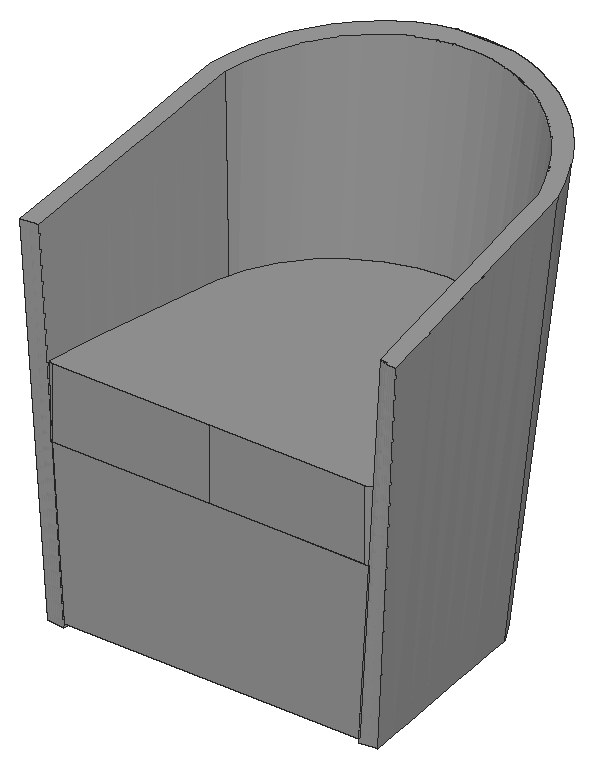
Revit family "glasgow", category Furniture, Revit 2013
Parameters (values of type "Glasgow")
  Model = "Glasgow"
  Length = 2' - 1 5/8"
  Description = "Seating"
  Width = 2' - 3 3/8"
  URL = "http://bernhardtdesign.com/"
  Product Page URL = "http://www.bernhardtdesign.com/products/glasgow/index.html"
  Product Name = "Glasgow"
  Product Documentation Link = "http://www.bernhardtdesign.com/pdf/pricelists/lounge/Glasgow_PL.pdf"
  Manufacturer = "Bernhardt "  # constant formula
  Level Certification = ""
  Height = 2' - 6 1/8"
  GreenGuard Certification = ""
  Bernhardt Fabric = Fabric-Bernhardt-White
Reference planes (in)
  plane 1 "Center (Front/Back)": y = 0
  plane 2 "Bottom": z = 0
  plane 3 "Center (Left/Right)": x = 0
  plane 4 "top": through (0, -12.63192, 25.01615) normal (0, -0.2079, 0.9781)
  plane 5 "seat": z = 11.5
  plane 6 "front plane": y = -11.55731
Forms (in)
  SweptBlend 1, solid, material "Fabric-Bernhardt-White"
    path in 3D
      loop
        line (0, 0, 30) -> (0, 0, 0)
    profile origin (0, 0, 30) x (0, -1, 0) y (1, 0, 0)
      loop
        line (-3.35545, -12.39953) -> (12.50073, -13.53308) -> (12.3175, -12.32566) -> (-3.12833, -11.22145)
        spline (-3.12833, -11.22145) -> (-5.3031, -10.20349) -> (-7.22593, -8.74909) -> (-8.81423, -6.92073) -> (-9.99979, -4.79693) -> (-10.73169, -2.46891) -> (-10.9785, -0.03664) -> (-10.72962, 2.3954) -> (-9.99573, 4.72277) -> (-8.80836, 6.84551) -> (-7.21849, 8.67246) -> (-5.29443, 10.12514) -> (-3.11879, 11.14116)
        line (-3.11879, 11.14116) -> (12.4016, 12.52936) -> (12.72257, 13.75402) -> (-3.35545, 12.31595)
        spline (-3.35545, 12.31595) -> (-5.78422, 11.21227) -> (-7.93529, 9.6162) -> (-9.71455, 7.59758) -> (-11.04414, 5.24473) -> (-11.8659, 2.66059) -> (-12.14387, -0.04179) -> (-11.8659, -2.74417) -> (-11.04414, -5.32831) -> (-9.71455, -7.68116) -> (-7.93529, -9.69978) -> (-5.78422, -11.29585) -> (-3.35545, -12.39953)
    end profile origin (0, 0, 0) x (0, -1, 0) y (1, 0, 0)
      loop
        arc (-0.92276, -8.89405) -> (-6.56775, -0.11361) -> (-0.92276, 8.66683) r 9.65122
        line (-0.92276, 8.66683) -> (12.19829, 10.51088) -> (12.03248, 11.69069) -> (-1.72977, 9.60212)
        arc (-1.72977, 9.60212) -> (-7.75572, -0.38649) -> (-1.23478, -10.05923) r 10.84263
        line (-1.23478, -10.05923) -> (12.11503, -11.46235) -> (12.23957, -10.27747) -> (-0.92276, -8.89405)
  Extrusion 2, void
    sketch origin (0, 0, -0.25) x (0, 1, 0) y (0, 0, 1)
      loop
        line (-16.20589, 24.25648) -> (20.39863, 32.03701) -> (12.95155, 45.47191) -> (-20.34446, 43.72694) -> (-16.20589, 24.25648)
    from -28.73436 to 26.20597
  Extrusion 3, solid, material "Fabric-Bernhardt-White"
    sketch origin (0, 0, 11.5) x (-1, 0, 0) y (0, -1, 0)
      loop
        line (9.75191, -0.70021) -> (11.41706, 11.83574)
        arc (11.41706, 11.83574) -> (11.31648, 12.16835) -> (11, 12.31186) r 0.42072
        line (11, 12.31186) -> (0, 12.31186) -> (-11, 12.31186)
        arc (-11, 12.31186) -> (-11.31648, 12.16835) -> (-11.41706, 11.83574) r 0.42072
        line (-11.41706, 11.83574) -> (-9.71839, -0.95263)
        arc (-9.71839, -0.95263) -> (0.12066, -8.84033) -> (9.75191, -0.70021) r 9.92083
    from 0 to 4.90749
  Extrusion 4, solid, material "Fabric-Bernhardt-White"
    sketch origin (0, -11.55731, 0) x (-1, 0, 0) y (0, 0, 1)
      loop
        line (11, 11.5) -> (-11.28463, 11.5) -> (-10.52999, 0.28408) -> (10.12504, 0.28408) -> (11, 11.5)
    from 0 to -0.71952
Cuts and joins
  Extrusion 2 cuts SweptBlend 1
Lines and regions (in)
  sketch lines
    curve 1: line (0, 0, 30) -> (0, 0, 0)
  symbolic lines
    curve 2: spline (-12.2722, 3.24113, 11.5) -> (-11.99743, 4.03086, 11.5) -> (-11.6702, 4.80122, 11.5) -> (-11.29191, 5.54887, 11.5) -> (-10.8642, 6.27059, 11.5) -> (-10.38891, 6.96325, 11.5) -> (-9.86812, 7.62386, 11.5) -> (-9.30405, 8.24955, 11.5) -> (-8.69917, 8.83763, 11.5) -> (-8.05607, 9.38555, 11.5) -> (-7.37755, 9.89093, 11.5) -> (-6.66654, 10.35161, 11.5) -> (-5.92611, 10.76557, 11.5)
    curve 3: spline (5.83443, 10.76959, 11.5) -> (4.91032, 11.18441, 11.5) -> (3.95587, 11.52726, 11.5) -> (2.97693, 11.79605, 11.5) -> (1.97949, 11.98912, 11.5) -> (0.96968, 12.1053, 11.5) -> (-0.04633, 12.14387, 11.5) -> (-1.06231, 12.1046, 11.5) -> (-2.07205, 11.98773, 11.5) -> (-3.06934, 11.79398, 11.5) -> (-4.04809, 11.52452, 11.5) -> (-5.00229, 11.18102, 11.5) -> (-5.92611, 10.76557, 11.5)
    curve 4: spline (5.83443, 10.76959, 11.5) -> (6.57374, 10.35672, 11.5) -> (7.28369, 9.89718, 11.5) -> (7.96121, 9.39298, 11.5) -> (8.60337, 8.84629, 11.5) -> (9.20739, 8.25948, 11.5) -> (9.77066, 7.63509, 11.5) -> (10.29073, 6.97582, 11.5) -> (10.76535, 6.28453, 11.5) -> (11.19248, 5.56421, 11.5) -> (11.57026, 4.81797, 11.5) -> (11.89705, 4.04905, 11.5) -> (12.17145, 3.26078, 11.5)
    curve 5: line (12.17145, 3.26078, 11.5) -> (13.41159, -12.60805, 11.5)
    curve 6: spline (13.41159, -12.60805, 11.5) -> (13.31043, -12.58812, 11.5) -> (13.20927, -12.56818, 11.5) -> (13.10812, -12.54823, 11.5) -> (13.00696, -12.52827, 11.5) -> (12.90581, -12.5083, 11.5) -> (12.80466, -12.48832, 11.5) -> (12.70351, -12.46833, 11.5) -> (12.60236, -12.44832, 11.5) -> (12.50122, -12.42831, 11.5) -> (12.40008, -12.40828, 11.5) -> (12.29894, -12.38825, 11.5) -> (12.1978, -12.3682, 11.5)
    curve 7: line (12.1978, -12.3682, 11.5) -> (11.00562, 2.97767, 11.5)
    curve 8: spline (11.00562, 2.97767, 11.5) -> (10.65809, 3.92212, 11.5) -> (10.22707, 4.83304, 11.5) -> (9.71587, 5.70339, 11.5) -> (9.12846, 6.52643, 11.5) -> (8.46939, 7.2958, 11.5) -> (7.74374, 8.00554, 11.5) -> (6.95714, 8.65016, 11.5) -> (6.11567, 9.22468, 11.5) -> (5.22584, 9.72464, 11.5) -> (4.29454, 10.14619, 11.5) -> (3.32897, 10.48605, 11.5) -> (2.3366, 10.74161, 11.5)
    curve 9: spline (-2.42311, 10.74102, 11.5) -> (-3.41467, 10.48547, 11.5) -> (-4.3795, 10.14586, 11.5) -> (-5.31017, 9.7248, 11.5) -> (-6.19951, 9.22552, 11.5) -> (-7.04065, 8.65189, 11.5) -> (-7.82714, 8.00832, 11.5) -> (-8.55289, 7.29977, 11.5) -> (-9.21233, 6.5317, 11.5) -> (-9.80037, 5.71002, 11.5) -> (-10.31247, 4.84106, 11.5) -> (-10.74471, 3.93153, 11.5) -> (-11.09373, 2.98842, 11.5)
    curve 10: spline (-2.42311, 10.74102, 11.5) -> (-2.03065, 10.81337, 11.5) -> (-1.63592, 10.87269, 11.5) -> (-1.23936, 10.9189, 11.5) -> (-0.84143, 10.95197, 11.5) -> (-0.44259, 10.97184, 11.5) -> (-0.04328, 10.9785, 11.5) -> (0.35603, 10.97194, 11.5) -> (0.75488, 10.95217, 11.5) -> (1.15281, 10.9192, 11.5) -> (1.54939, 10.87308, 11.5) -> (1.94413, 10.81386, 11.5) -> (2.3366, 10.74161, 11.5)
    curve 11: line (-11.09373, 2.98842, 11.5) -> (-11.99015, -12.30473, 11.5)
    curve 12: line (-11.99015, -12.30473, 11.5) -> (-13.19193, -12.43719, 11.5)
    curve 13: arc (9.71839, 0.95263, 11.5) -> (-0.12066, 8.84033, 11.5) -> (-9.75191, 0.70021, 11.5) r 9.92083
    curve 14: line (11.41706, -11.83574, 11.5) -> (9.71839, 0.95263, 11.5)
    curve 15: arc (11, -12.31186, 11.5) -> (11.31648, -12.16835, 11.5) -> (11.41706, -11.83574, 11.5) r 0.42072
    curve 16: line (0, -12.31186, 11.5) -> (11, -12.31186, 11.5)
    curve 17: line (-11, -12.31186, 11.5) -> (0, -12.31186, 11.5)
    curve 18: arc (-11.41706, -11.83574, 11.5) -> (-11.31648, -12.16835, 11.5) -> (-11, -12.31186, 11.5) r 0.42072
    curve 19: line (-9.75191, 0.70021, 11.5) -> (-11.41706, -11.83574, 11.5)
Dimensions and locks (in)
  aligned and locked: plane 2 "Bottom" to level
  aligned and locked: Extrusion 3 to plane 5 "seat"
  aligned and locked: plane 6 "front plane" to Extrusion 4
